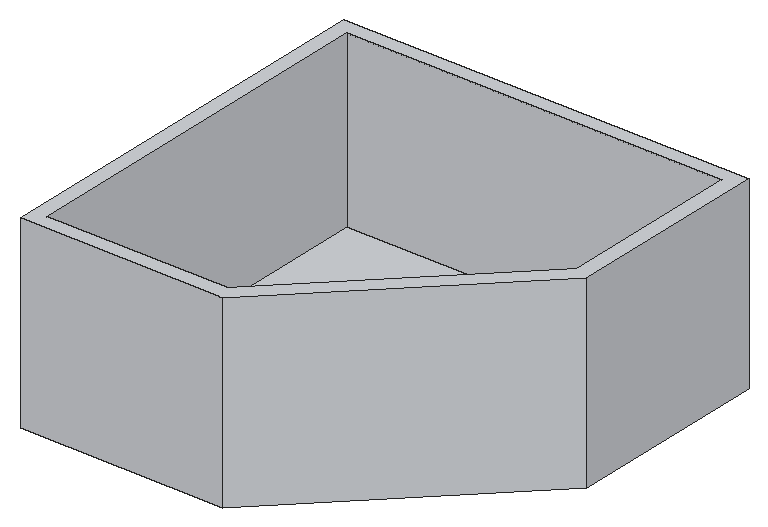
Revit family "M_Tanque - Esfregão", category Peças hidrossanitárias, Revit 2019
Family settings
  Cota do conector redondo = Usar raio
  Tipo de parte = Normal
  Número OmniClass = 23.45.05.14.14
  Título OmniClass = Sinks/Lavatories
  ID de item do Seek = Sink - Mop-0000-CAN-ENU
  Com base no plano de trabalho = Não
  Sempre na vertical = Sim
  Corte com vazios quando carregada = Não
  Compartilhado = Não
  Ponto de cálculo do ambiente = Não
Parameters (values of type "710 mmx710 mm")
  WFU = 2
  Largura da pia = 710 mm
  Material da pia = none
  Comprimento da pia = 710 mm
  Raio do sanitário = 25 mm
  Diâmetro do sanitário = Raio do sanitário * 2  # 50 mm
  Largura de meia pia = Largura da pia / 2  # 355 mm
  Comprimento de meia pia = Comprimento da pia / 2  # 355 mm
  HWFU = 0
  CWFU = 0
  Assembly Code = ""
Reference planes
  plane 1 "Centro (Frente/Trás)": y = 0
  plane 2: z = 0
  plane 3 "Centro (Esquerda/Direita)": x = 0
  plane 4: x = 710
  plane 5: y = -710
  plane 6: z = 330.2
  plane 7: x = 684.6
  plane 8: x = 25.4
  plane 9: y = -684.6
  plane 10: y = -25.4
  plane 11: z = 25.4
  plane 12: x = 355
  plane 13: y = -355
Forms (mm)
  Extrusion 1, solid, material <- "Material da pia"
    sketch origin (0, 0, 0) x (1, 0, 0) y (0, 1, 0)
      loop
        line (0, 0) -> (0, -710) -> (355, -710) -> (710, -355) -> (710, 0) -> (0, 0)
    from 0 to 330.2
  Extrusion 2, void
    sketch origin (0, 0, 0) x (1, 0, 0) y (0, 1, 0)
      loop
        line (25.4, -25.4) -> (25.4, -684.6) -> (344.479, -684.6) -> (684.6, -344.479) -> (684.6, -25.4) -> (25.4, -25.4)
    from 25.4 to 330.2
  Extrusion 3, void
    sketch origin (0, 0, 0) x (1, 0, 0) y (0, 1, 0)
      loop
        circle (355, -355) r 25
    from 0 to 25.4
  Extrusion 4, solid, material <- "Material da pia"
    sketch origin (0, 0, 0) x (1, 0, 0) y (0, 1, 0)
      loop
        circle (355, -355) r 25
    from 0 to 25.4
Cuts and joins
  Extrusion 2, Extrusion 3 cuts Extrusion 1
Dimensions and locks
  "Comprimento da pia": plane 3 "Centro (Esquerda/Direita)" to plane 4
  "Largura da pia": plane 5 to plane 1 "Centro (Frente/Trás)"
  locked: plane 6 to level at 330.2
  locked: plane 7 to plane 4 at 25.4
  locked: plane 3 "Centro (Esquerda/Direita)" to plane 8 at 25.4
  locked: plane 1 "Centro (Frente/Trás)" to plane 10 at 25.4
  locked: plane 5 to plane 9 at 25.4
  locked: plane 11 to level at 25.4
  "Comprimento de meia pia": plane 3 "Centro (Esquerda/Direita)" to plane 12
  "Largura de meia pia": plane 13 to plane 1 "Centro (Frente/Trás)"
  "Raio do sanitário": radius of Extrusion 3 sketch curve
  "Raio do sanitário": radius of Extrusion 4 sketch curve
  aligned and locked: plane 1 "Centro (Frente/Trás)" to Extrusion 1 sketch curve
  aligned and locked: Extrusion 1 sketch curve to plane 4
  aligned and locked: plane 3 "Centro (Esquerda/Direita)" to Extrusion 1 sketch curve
  aligned and locked: Extrusion 1 sketch curve to plane 5
  aligned and locked: Extrusion 1 to plane 2
  aligned and locked: plane 6 to Extrusion 1
  aligned and locked: Extrusion 2 sketch curve to plane 10
  aligned and locked: Extrusion 2 sketch curve to plane 7
  aligned and locked: Extrusion 2 sketch curve to plane 9
  aligned and locked: Extrusion 2 sketch curve to plane 8
  aligned and locked: plane 2 to cut or joined group of Extrusion 1, Extrusion 2, Extrusion 3
  aligned and locked: plane 6 to cut or joined group of Extrusion 1, Extrusion 2, Extrusion 3
  aligned and locked: plane 13 to Extrusion 3 sketch curve
  aligned and locked: plane 12 to Extrusion 3 sketch curve
  aligned and locked: Extrusion 3 to plane 2
  aligned and locked: plane 11 to Extrusion 3
  aligned and locked: Extrusion 2 to plane 11
  aligned and locked: plane 13 to Extrusion 4 sketch curve
  aligned and locked: plane 12 to Extrusion 4 sketch curve
  aligned and locked: Extrusion 4 to plane 2
  aligned and locked: plane 11 to Extrusion 4
Automatic sketch dimensions
  Extrusion 1 sketch curve to plane 12 = 0 mm
  Extrusion 1 sketch curve to plane 13 = 0 mm
  Extrusion 2 sketch curve to plane 12 = 10.521 mm
  plane 13 to Extrusion 2 sketch curve = 10.521 mm
Connectors
  piping at (355, -355, 0), diameter 50, driven by "WFU", driven by "Raio do sanitário"
    settings: on cut or joined group of Extrusion 1, Extrusion 2, Extrusion 3, index 1, connector inside diameter 50 mm, connector length 0 mm, flow factor 0, pipe flow 0.0 L/s, pressure drop 0.0 Pa, fitting loss kfactor 0, connector angle 0.00°, fixture units 2, engagement length 0 mm, angle of deflection 0.00°, flow configuration 3, flow direction 2, fitting loss method 0, system type 16, joint type 0, gender type 0, connector reference index -1, connector utility 0, adjustable connector no, is connector primary yes, connector description "Saída"
